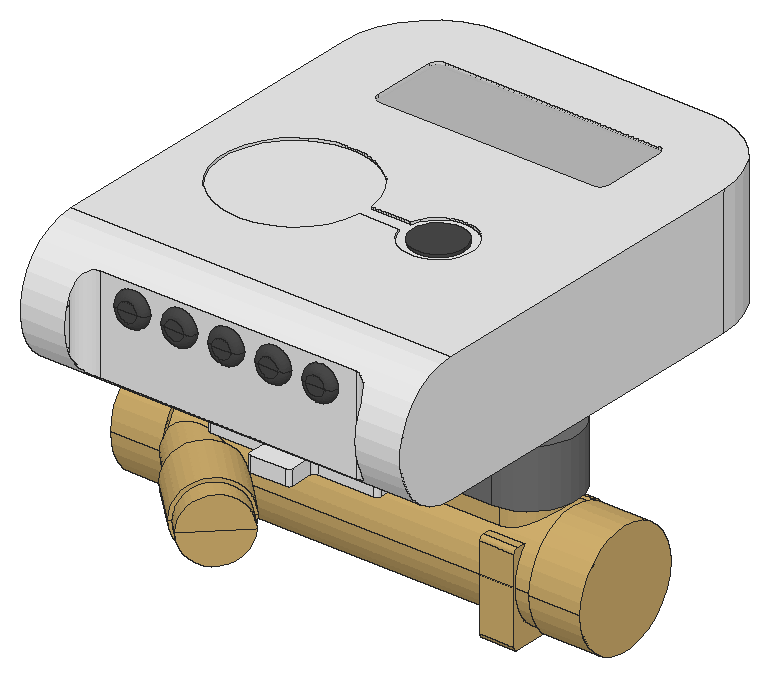
Revit family "SonoMeter40_DN15-DN20_RFA", category Pipe Accessories, Revit 2017
Family settings
  Round Connector Dimension = Use Diameter
  Part Type = Valve - Breaks Into
  Work Plane-Based = No
  Always vertical = Yes
  Cut with Voids When Loaded = No
  Shared = No
Parameters (values of type "SonoMeter40_DN15_G3/4_Kvs2.27_110mm")
  Weight = 0.70 kg
  URL = "https://store.danfoss.com/en/Climate-Solutions-for-heating/Energy-Meters/Energy-meters/SonoMeter-40/c/13141"
  Pressure Drop [instance] = 0.0 Pa
  Operation Pressure = "PN25"  # constant formula
  Nominal Flow = "0.6 m3/h"
  Model Type = "SonoMeter40_DN15_G3/4_Kvs2.27_110mm"
  Model = "SonoMeter40"  # constant formula
  Min Flow = "0.006 m3/h"
  Max Flow = "1.2 m3/h"
  Manufacturer = "Danfoss"  # constant formula
  LOD 350 = not(LOD 200)  # yes
  LOD 200 = no
  L7 = 57 mm
  L6 = 8 mm
  L5 = 86 mm
  L3 = 59 mm
  L4 = 12 mm
  L2 = 59 mm
  L1 = 122 mm
  L_1 = 8.1 mm
  L = 110 mm
  Kvs = 2.27 m³/h
  IfcExportType = "SonoMeter40"  # constant formula
  IfcExportAs = "IfcValveType"  # constant formula
  H2 = 14.5 mm
  H1 = 28 mm
  H = 65.2 mm
  Flow [instance] = 0.0 m³/h
  Description = "Energy Meter"  # constant formula
  D2 = 26.4 mm
  D1 = 25 mm
  D = 15 mm
  Connection = "G3/4B"
  Body Material = Danfoss Brass
  A_H = 42.3 mm
  A = 45.00°
Types (10, lengths in mm): name | Weight | Nominal Flow | Model Type | Min Flow | Max Flow | L7 | L5 | L3 | L4 | L2 | L_1 | L | Kvs | H2 | H1 | H | D2 | D1 | Connection | A_H
  (no name) | 0.70 kg | "0.6 m3/h" | "SonoMeter40_DN15_G3/4_Kvs2.27_110mm" | "0.006 m3/h" | "1.2 m3/h" | 57 | 86 | 59 | 12 | 59 | 8.1 | 110 | 2.27 m³/h | 14.5 | 28 | 65.2 | 26.4 | 25 | "G3/4B" | 42.3
  SonoMeter40_DN15_G3/4_Kvs2.27_110mm | 0.70 kg | "0.6 m3/h" | "SonoMeter40_DN15_G3/4_Kvs2.27_110mm" | "0.006 m3/h" | "1.2 m3/h" | 57 | 86 | 59 | 12 | 59 | 8.1 | 110 | 2.27 m³/h | 14.5 | 28 | 65.2 | 26.4 | 25 | "G3/4B" | 42.3
  SonoMeter40_DN15_G3/4_Kvs2.97_110mm | 0.70 kg | "0.6 m3/h, 1.0 m3/h" | "SonoMeter40_DN15_G3/4_Kvs2.97_110mm" | "0.006 m3/h, 0.01 m3/h" | "1.2 m3/h, 2.0 m3/h" | 57 | 86 | 59 | 12 | 59 | 8.1 | 110 | 2.97 m³/h | 14.5 | 28 | 65.2 | 26.4 | 25 | "G3/4B" | 42.3
  SonoMeter40_DN15_G3/4_Kvs3.63_110mm | 0.70 kg | "1.5 m3/h" | "SonoMeter40_DN15_G3/4_Kvs3.63_110mm" | "0.015 m3/h" | "3.0 m3/h" | 57 | 86 | 59 | 12 | 59 | 8.1 | 110 | 3.63 m³/h | 14.5 | 28 | 65.2 | 26.4 | 25 | "G3/4B" | 42.3
  SonoMeter40_DN15_G3/4_Kvs3.63_165mm | 0.80 kg | "1.5 m3/h" | "SonoMeter40_DN15_G3/4_Kvs3.63_110mm" | "0.015 m3/h" | "3.0 m3/h" | 77 | 137.5 | 82.5 | 13.8 | 86.5 | 17.3 | 165 | 3.63 m³/h | 14.5 | 28 | 65.2 | 26.4 | 25 | "G3/4B" | 42.3
  SonoMeter40_DN20_G1_Kvs5.59_130mm | 0.80 kg | "1.5 m3/h" | "SonoMeter40_DN20_G1_Kvs5.59_130mm" | "0.015 m3/h" | "3.0 m3/h" | 77 | 101.5 | 65 | 14.2 | 69 | 6 | 130 | 5.59 m³/h | 14.5 | 28 | 65.2 | 33.3 | 30 | "G1B" | 41.2
  SonoMeter40_DN20_G1_Kvs6.23_190mm | 0.90 kg | "0.6 m3/h, 1.0 m3/h" | "SonoMeter40_DN20_G1_Kvs6.23_190mm" | "0.006 m3/h, 0.01 m3/h" | "1.2 m3/h, 2.0 m3/h" | 129.5 | 158.5 | 95 | 14.2 | 95 | 11.3 | 190 | 6.23 m³/h | 15.5 | 29 | 66.2 | 33.3 | 31 | "G1B" | 40.2
  SonoMeter40_DN20_G1_Kvs5.62_130mm | 0.80 kg | "2.5 m3/h" | "SonoMeter40_DN20_G1_Kvs5.62_130mm" | "0.025 m3/h" | "5.0 m3/h" | 77 | 101.5 | 65 | 14.2 | 69 | 6 | 130 | 5.62 m³/h | 14.5 | 28 | 65.2 | 33.3 | 30 | "G1B" | 41.2
  SonoMeter40_DN20_G1_Kvs8.15_190mm | 0.90 kg | "2.5 m3/h" | "SonoMeter40_DN20_G1_Kvs8.15_190mm" | "0.025 m3/h" | "5.0 m3/h" | 129.5 | 158.5 | 95 | 14.2 | 95 | 11.3 | 190 | 8.15 m³/h | 15.5 | 29 | 66.2 | 33.3 | 31 | "G1B" | 40.2
  SonoMeter40_DN20_G1_Kvs6.32_190mm | 0.90 kg | "1.5 m3/h" | "SonoMeter40_DN20_G1_Kvs6.32_190mm" | "0.015 m3/h" | "3.0 m3/h" | 129.5 | 158.5 | 95 | 14.2 | 95 | 11.3 | 190 | 6.32 m³/h | 15.5 | 29 | 66.2 | 33.3 | 31 | "G1B" | 40.2
Reference planes
  plane 1 "Center (Front/Back)": y = 0
  plane 2: z = 0
  plane 3 "Center (Left/Right)": x = 0
  plane 4: z = -12.5
  plane 5 "Ref-1": z = 12.5
  plane 6: y = -12.5
  plane 7: y = 12.5
  plane 8: x = 3.9
  plane 9: y = 0
  plane 10: z = 14.5
  plane 11: z = 65.2
  plane 12: z = 28
  plane 13: through (0, 0, 1200) normal (0.7071, 0.7071, 0)
  plane 14: x = -2.6
  plane 15: x = 89.9
  plane 16: x = -8.1
  plane 17: x = 101.9
  plane 18: through (0, 0, 1200) normal (-0.7071, 0.7071, 0)
  plane 19: x = 50.9
  plane 20: x = 22.4
  plane 21: x = 79.4
  plane 22: x = 85.9
  plane 23: x = 77.9
  plane 24: x = 50.9
Forms (mm)
  Extrusion 1, solid, material "Danfoss Brass" <- "Body Material", visible <- "LOD 350", detail levels fine
    sketch origin (0, 0, 0) x (0, 1, 0) y (0, 0, 1)
      loop
        circle (0, 0) r 12.5
    from 3.9 to 89.9
  Extrusion 2, solid, material "Danfoss Brass" <- "Body Material", visible <- "LOD 350", detail levels fine
    sketch origin (0, 0, 0) x (0, 1, 0) y (0, 0, 1)
      loop
        circle (0, 0) r 13.2
    from -8.1 to 3.9
  Extrusion 3, solid, material "Danfoss Brass" <- "Body Material", visible <- "LOD 350", detail levels fine
    sketch origin (0, 0, 0) x (0, 1, 0) y (0, 0, 1)
      loop
        circle (0, 0) r 13.2
    from 89.9 to 101.9
  Revolve 4, solid, material "Danfoss Brass" <- "Body Material", visible <- "LOD 350", detail levels fine
    sketch origin (0, 0, 0) x (1, 0, 0) y (0, 1, 0)
      loop
        line (0, 0) -> (29.911, -29.911) -> (35.214, -24.607) -> (31.678, -21.072) -> (32.244, -20.506) -> (21.991, -10.253) -> (21.142, -11.102) -> (5.02, 5.02) -> (0, 0)
      axis (0, 0) -> (29.911, -29.911)
    angle from 0 to 360
  Extrusion 5, solid, material "Danfoss Plastic Dark Gray", detail levels fine
    sketch origin (0, 0, 0) x (1, 0, 0) y (0, 1, 0)
      loop
        arc (22.4, 11) -> (11.4, 0) -> (22.4, -11) r 11
        line (22.4, -11) -> (79.4, -11)
        arc (79.4, -11) -> (90.4, 0) -> (79.4, 11) r 11
        line (79.4, 11) -> (22.4, 11)
    from 14.5 to 28
  Extrusion 6, solid, material "Danfoss Brass" <- "Body Material", visible <- "LOD 350", detail levels fine
    sketch origin (0, 0, 0) x (0, 1, 0) y (0, 0, 1)
      loop
        arc (-11.5, 8.053) -> (-12.207, 7.76) -> (-12.5, 7.053) r 1
        line (-12.5, 7.053) -> (-12.5, -12.5)
        arc (-12.5, -12.5) -> (-12.207, -13.207) -> (-11.5, -13.5) r 1
        line (-11.5, -13.5) -> (11.5, -13.5)
        arc (11.5, -13.5) -> (12.207, -13.207) -> (12.5, -12.5) r 1
        line (12.5, -12.5) -> (12.5, 7.053)
        arc (12.5, 7.053) -> (12.207, 7.76) -> (11.5, 8.053) r 1
        line (11.5, 8.053) -> (-11.5, 8.053)
    from 77.9 to 85.9
  Extrusion 7, solid, material "Danfoss Brass" <- "Body Material", visible <- "LOD 200", detail levels fine
    sketch origin (0, 0, 0) x (0, 1, 0) y (0, 0, 1)
      loop
        circle (0, 0) r 13.2
    from -8.1 to 101.9
  Revolve 8, solid, material "Danfoss Brass" <- "Body Material", visible <- "LOD 200", detail levels fine
    sketch origin (0, 0, 0) x (1, 0, 0) y (0, 1, 0)
      loop
        line (0, 0) -> (29.911, -29.911) -> (35.78, -24.042) -> (5.869, 5.869) -> (0, 0)
      axis (0, 0) -> (29.911, -29.911)
    angle from 0 to 360
  Extrusion 9, solid, material "Danfoss Brass" <- "Body Material", detail levels fine
    sketch origin (0, 0, 0) x (1, 0, 0) y (0, 1, 0)
      loop
        arc (22.4, 8.5) -> (13.9, 0) -> (22.4, -8.5) r 8.5
        line (22.4, -8.5) -> (79.4, -8.5)
        arc (79.4, -8.5) -> (87.9, 0) -> (79.4, 8.5) r 8.5
        line (79.4, 8.5) -> (22.4, 8.5)
    from 0 to 14.5
Dimensions and locks
  equal spacing: plane 5 "Ref-1", level, plane 4
  "D1": plane 5 "Ref-1" to plane 4
  equal spacing: plane 6, plane 1 "Center (Front/Back)", plane 7
  "D1": plane 6 to plane 7
  "H": plane 11 to level
  "H1": plane 12 to level
  "L": plane 17 to plane 16
  "L_1": plane 3 "Center (Left/Right)" to plane 16
  "L4": plane 8 to plane 16
  "L4": plane 17 to plane 15
  locked: Revolve 4 sketch curve to plane 13 at 7.1
  "A_H": plane 18 to Revolve 4 sketch curve
  locked: Revolve 4 sketch curve to Revolve 4 sketch curve at 5
  locked: Revolve 4 sketch curve to Revolve 4 sketch curve at 14.5
  locked: Revolve 4 sketch curve to Revolve 4 sketch curve at 1.2
  locked: plane 13 to Revolve 4 sketch curve at 7.5
  equal spacing: plane 20, plane 19, plane 21
  "L7": plane 20 to plane 21
  equal spacing: Extrusion 5 sketch curve, plane 9, Extrusion 5 sketch curve
  Extrusion 5 sketch curve to Extrusion 5 sketch curve = 22 mm
  "L6": plane 22 to plane 23
  Extrusion 6 sketch curve to plane 2 = 8.053 mm
  locked: Revolve 8 sketch curve to plane 13 at 8.3
  "A_H": plane 18 to Revolve 8 sketch curve
  equal spacing: Extrusion 9 sketch curve, plane 9, Extrusion 9 sketch curve
  Extrusion 9 sketch curve to Extrusion 9 sketch curve = 17 mm
  "H2": plane 10 to plane 2
  "L5": plane 23 to plane 16
  "L3": plane 19 to plane 16
  "L2": plane 24 to plane 16
  "D1": diameter of Extrusion 1 sketch curve
  "D2": diameter of Extrusion 2 sketch curve
  "D2": diameter of Extrusion 3 sketch curve
  radius of Extrusion 5 sketch curve = 11 mm  (x2)
  radius of Extrusion 6 sketch curve = 1 mm  (x4)
  "D2": diameter of Extrusion 7 sketch curve
  radius of Extrusion 9 sketch curve = 8.5 mm  (x2)
  "A": angle plane 13 to plane 9
  locked: plane 13 to plane 18 (angle 90.00°)
  aligned and locked: level to plane 2
  aligned and locked: plane 8 to Extrusion 2
  aligned and locked: Extrusion 1 to plane 8
  aligned and locked: Extrusion 3 to plane 15
  aligned and locked: Extrusion 1 to Extrusion 2
  aligned and locked: plane 15 to Extrusion 1
  aligned and locked: Extrusion 2 to plane 16
  aligned and locked: Revolve 4 sketch curve to plane 18
  aligned and locked: Revolve 4 sketch curve to plane 13
  aligned and locked: Revolve 4 sketch curve to Revolve 4 sketch curve  (x2)
  aligned and locked: plane 17 to Extrusion 3
  aligned and locked: plane 12 to Extrusion 5
  aligned and locked: plane 22 to Extrusion 6
  aligned and locked: Extrusion 6 to plane 23
  aligned and locked: Revolve 8 sketch curve to Revolve 8 sketch curve  (x2)
  aligned and locked: Revolve 8 sketch curve to plane 13
  aligned and locked: Revolve 8 sketch curve to plane 18
  aligned and locked: Extrusion 5 to plane 10
  aligned and locked: plane 10 to Extrusion 9
  aligned and locked: plane 24 to nested 1
  aligned and locked: Extrusion 2 to Extrusion 7
  aligned and locked: Extrusion 3 to Extrusion 7
  aligned and locked: plane 16 to nested 2
  aligned and locked: plane 12 to nested 1
  aligned and locked: plane 9 to nested 2
Automatic sketch dimensions
  Extrusion 5 sketch curve to plane 20 = 0 mm
  Extrusion 5 sketch curve to plane 21 = 0 mm
  Extrusion 5 sketch curve to Extrusion 5 sketch curve = 0 mm  (x2)
  Extrusion 6 sketch curve to plane 6 = 0 mm
  Extrusion 6 sketch curve to plane 7 = 0 mm
  Extrusion 9 sketch curve to plane 20 = 0 mm
  Extrusion 9 sketch curve to plane 21 = 0 mm
  Extrusion 6 sketch curve to plane 4 = 0 mm
  Extrusion 1 sketch curve to level = 0 mm
  Extrusion 1 sketch curve to plane 1 "Center (Front/Back)" = 0 mm
  Extrusion 2 sketch curve to level = 0 mm
  Extrusion 2 sketch curve to plane 1 "Center (Front/Back)" = 0 mm
  Extrusion 3 sketch curve to level = 0 mm
  Extrusion 3 sketch curve to plane 1 "Center (Front/Back)" = 0 mm
  plane 20 to Revolve 4 sketch curve = 1.304 mm
  Extrusion 7 sketch curve to level = 0 mm
  Extrusion 7 sketch curve to plane 1 "Center (Front/Back)" = 0 mm
  plane 20 to Revolve 8 sketch curve = 1.304 mm
Nested families
  nested 1: "SonoMeter40_body" at (50.9, 0, 0), type "SonoSensor40", detail levels fine
  nested 2: "Schematic_Energy Meter" at (46.9, 0, 0), type "Schematic_Energy Meter", detail levels coarse+medium
Connectors
  piping at (101.9, 0, 0), diameter 15, driven by "D", driven by "Flow"
    settings: on Extrusion 3, index 1, connector inside diameter 609.6 mm, connector length 0 mm, flow factor 0, pipe flow 0.0 m³/h, pressure drop 0.0 Pa, fitting loss kfactor 0, connector angle 0.00°, fixture units 0, engagement length 0 mm, angle of deflection 0.00°, flow configuration 0, flow direction 0, fitting loss method 0, system type 29, joint type 0, gender type 0, connector reference index 2, connector utility 0, adjustable connector no, is connector primary yes, connector description ""
  piping at (-8.1, 0, 0), diameter 15, driven by "D", driven by "Flow"
    settings: on Extrusion 2, index 2, connector inside diameter 609.6 mm, connector length 0 mm, flow factor 0, pipe flow 0.0 m³/h, pressure drop 0.0 Pa, fitting loss kfactor 0, connector angle 0.00°, fixture units 0, engagement length 0 mm, angle of deflection 0.00°, flow configuration 0, flow direction 0, fitting loss method 0, system type 29, joint type 0, gender type 0, connector reference index 1, connector utility 0, adjustable connector no, is connector primary no, connector description ""
Definition of nested family "SonoMeter40_body"
  Parameters (values of type "SonoSensor40")
    W = 115.5 mm
    URL = ""
    Model Type = "SonoMeter 40"  # constant formula
    Model = ""
    Manufacturer = "Danfoss"  # constant formula
    LOD 350 = not(LOD 200)  # yes
    LOD 200 = no
    L = 89 mm
    IfcExportType = "SonoMeter 40"  # constant formula
    IfcExportAs = "IfcValveType"  # constant formula
    H2 = 30 mm
    H1 = 35.2 mm
    H = 65.2 mm
    Description = "Flow Meter"  # constant formula
  Reference planes
    plane 1 "Center (Front/Back)": y = 0
    plane 2: z = 0
    plane 3 "Center (Left/Right)": x = 0
    plane 4 "Ref-4": z = 65.2
    plane 5: x = -44.5
    plane 6: x = 44.5
    plane 7: y = 57.6
    plane 8: y = -57.9
    plane 9 "Ref-2": z = 35.2
    plane 10: y = -52.8
    plane 11: x = -34
    plane 12: x = 34
    plane 13: x = -22
    plane 14: x = 22
    plane 15 "Ref-1": z = 56.3
    plane 16: y = -9.9
    plane 17: x = -18.5
    plane 18: x = 15.1
    plane 19: z = 32.1
    plane 20: z = 28
    plane 21: z = 23
    plane 22: y = -40.8
    plane 23: y = 35.2
    plane 24: z = 29.6
    plane 25: y = -33.8
    plane 26: y = -22.5
    plane 27: y = 32.3
  Forms (mm)
    Extrusion 1, solid, visible <- "LOD 350"
      sketch origin (0, 0, 0) x (0, 1, 0) y (0, 0, 1)
        loop
          arc (-42.9, 65.2) -> (-57.9, 50.2) -> (-42.9, 35.2) r 15
          line (-42.9, 35.2) -> (57.6, 35.2) -> (57.6, 65.2) -> (-42.9, 65.2)
      from -44.5 to 44.5
    Extrusion 2, void
      sketch origin (0, 0, 63) x (-1, 0, 0) y (0, -1, 0)
        loop
          arc (-24, -57.6) -> (-38.496, -51.596) -> (-44.5, -37.1) r 20.5
          line (-44.5, -37.1) -> (-44.5, -27.6) -> (-54.5, -27.6) -> (-54.5, -67.6) -> (54.5, -67.6) -> (54.5, -27.6) -> (44.5, -27.6) -> (44.5, -37.1)
          arc (44.5, -37.1) -> (38.496, -51.596) -> (24, -57.6) r 20.5
          line (24, -57.6) -> (-24, -57.6)
      from -27.8 to 2.2
    Extrusion 3, void
      sketch origin (0, 0, 63) x (-1, 0, 0) y (0, -1, 0)
        loop
          line (-30, 52.8) -> (30, 52.8)
          arc (30, 52.8) -> (32.828, 53.972) -> (34, 56.8) r 4
          line (34, 56.8) -> (34, 62.9) -> (-34, 62.9) -> (-34, 56.8)
          arc (-34, 56.8) -> (-32.828, 53.972) -> (-30, 52.8) r 4
      from -38.023 to 8.089
    Revolve 4, solid
      sketch origin (0, 0, 56.3) x (-1, 0, 0) y (0, -1, 0)
        loop
          line (0, 52.8) -> (4, 52.8)
          arc (4, 52.8) -> (3.473, 54.073) -> (2.2, 54.6) r 1.8
          line (2.2, 54.6) -> (0, 54.6) -> (0, 52.8)
        axis (0, 52.8) -> (0, 54.6)
      angle from 0 to 360
    Revolve 5, solid
      sketch origin (-22, 0, 56.3) x (-1, 0, 0) y (0, -1, 0)
        loop
          line (0, 52.8) -> (4, 52.8)
          arc (4, 52.8) -> (3.473, 54.073) -> (2.2, 54.6) r 1.8
          line (2.2, 54.6) -> (0, 54.6) -> (0, 52.8)
        axis (0, 52.8) -> (0, 54.6)
      angle from 0 to 360
    Revolve 6, solid
      sketch origin (-11, 0, 56.3) x (-1, 0, 0) y (0, -1, 0)
        loop
          line (0, 52.8) -> (4, 52.8)
          arc (4, 52.8) -> (3.473, 54.073) -> (2.2, 54.6) r 1.8
          line (2.2, 54.6) -> (0, 54.6) -> (0, 52.8)
        axis (0, 52.8) -> (0, 54.6)
      angle from 0 to 360
    Revolve 7, solid
      sketch origin (22, 0, 56.3) x (-1, 0, 0) y (0, -1, 0)
        loop
          line (0, 52.8) -> (4, 52.8)
          arc (4, 52.8) -> (3.473, 54.073) -> (2.2, 54.6) r 1.8
          line (2.2, 54.6) -> (0, 54.6) -> (0, 52.8)
        axis (0, 52.8) -> (0, 54.6)
      angle from 0 to 360
    Revolve 8, solid
      sketch origin (11, 0, 56.3) x (-1, 0, 0) y (0, -1, 0)
        loop
          line (0, 52.8) -> (4, 52.8)
          arc (4, 52.8) -> (3.473, 54.073) -> (2.2, 54.6) r 1.8
          line (2.2, 54.6) -> (0, 54.6) -> (0, 52.8)
        axis (0, 52.8) -> (0, 54.6)
      angle from 0 to 360
    Extrusion 9, void
      sketch origin (0, 0, 65.2) x (-1, 0, 0) y (0, -1, 0)
        loop
          arc (25, -42.1) -> (26.414, -41.514) -> (27, -40.1) r 2
          line (27, -40.1) -> (27, -25.1)
          arc (27, -25.1) -> (26.414, -23.686) -> (25, -23.1) r 2
          line (25, -23.1) -> (-25, -23.1)
          arc (-25, -23.1) -> (-26.414, -23.686) -> (-27, -25.1) r 2
          line (-27, -25.1) -> (-27, -40.1)
          arc (-27, -40.1) -> (-26.414, -41.514) -> (-25, -42.1) r 2
          line (-25, -42.1) -> (25, -42.1)
      from -1 to 5
    Extrusion 10, solid, visible <- "LOD 350"
      sketch origin (0, 0, 65.2) x (-1, 0, 0) y (0, -1, 0)
        loop
          arc (25, -42.1) -> (26.414, -41.514) -> (27, -40.1) r 2
          line (27, -40.1) -> (27, -25.1)
          arc (27, -25.1) -> (26.414, -23.686) -> (25, -23.1) r 2
          line (25, -23.1) -> (-25, -23.1)
          arc (-25, -23.1) -> (-26.414, -23.686) -> (-27, -25.1) r 2
          line (-27, -25.1) -> (-27, -40.1)
          arc (-27, -40.1) -> (-26.414, -41.514) -> (-25, -42.1) r 2
          line (-25, -42.1) -> (25, -42.1)
      from -2 to -0.5
    Extrusion 11, void
      sketch origin (0, 0, 65.2) x (-1, 0, 0) y (0, -1, 0)
        loop
          arc (1.809, 8.1) -> (35.288, 9.9) -> (1.809, 11.7) r 16.788
          line (1.809, 11.7) -> (-7.321, 11.7)
          arc (-7.321, 11.7) -> (-23.085, 9.9) -> (-7.321, 8.1) r 7.985
          line (-7.321, 8.1) -> (1.809, 8.1)
      from -0.5 to 0.5
    Extrusion 12, solid, visible <- "LOD 350"
      sketch origin (0, 0, 65.2) x (-1, 0, 0) y (0, -1, 0)
        loop
          circle (-15.1, 9.9) r 6
      from -1 to 0
    Blend 13, solid, visible <- "LOD 350"
      base sketch origin (0, 0, 35.2) x (-1, 0, 0) y (0, -1, 0)
        loop
          line (-29.3, 25) -> (-29.3, -25) -> (29.3, -25) -> (29.3, 25) -> (-29.3, 25)
      top sketch origin (0, 0, 35.2) x (-1, 0, 0) y (0, -1, 0)
        loop
          line (-26.8, -22.5) -> (26.8, -22.5) -> (26.8, 22.5) -> (-26.8, 22.5) -> (-26.8, -22.5)
      from 0 to -3.1
    Extrusion 14, solid, visible <- "LOD 350"
      sketch origin (0, 0, 35.2) x (-1, 0, 0) y (0, -1, 0)
        loop
          line (26.8, 22.5) -> (-26.8, 22.5) -> (-26.8, -22.5) -> (26.8, -22.5) -> (26.8, 22.5)
      from -3.1 to -7.2
    Extrusion 15, solid, visible <- "LOD 350"
      sketch origin (0, 0, 35.2) x (-1, 0, 0) y (0, -1, 0)
        loop
          line (-20.1, 14.9) -> (20.1, 14.9) -> (20.1, 32.8)
          arc (20.1, 32.8) -> (19.807, 33.507) -> (19.1, 33.8) r 1
          line (19.1, 33.8) -> (6, 33.8)
          arc (6, 33.8) -> (5.293, 34.093) -> (5, 34.8) r 1
          line (5, 34.8) -> (5, 39.8)
          arc (5, 39.8) -> (4.707, 40.507) -> (4, 40.8) r 1
          line (4, 40.8) -> (-4, 40.8)
          arc (-4, 40.8) -> (-4.707, 40.507) -> (-5, 39.8) r 1
          line (-5, 39.8) -> (-5, 34.8)
          arc (-5, 34.8) -> (-5.293, 34.093) -> (-6, 33.8) r 1
          line (-6, 33.8) -> (-19.1, 33.8)
          arc (-19.1, 33.8) -> (-19.807, 33.507) -> (-20.1, 32.8) r 1
          line (-20.1, 32.8) -> (-20.1, 14.9)
      from -3.1 to -12.2
    Extrusion 16, solid, visible <- "LOD 350"
      sketch origin (0, 0, 35.2) x (-1, 0, 0) y (0, -1, 0)
        loop
          line (22.5, -16.7) -> (-22.5, -16.7) -> (-22.5, -33.2)
          arc (-22.5, -33.2) -> (-21.914, -34.614) -> (-20.5, -35.2) r 2
          line (-20.5, -35.2) -> (20.5, -35.2)
          arc (20.5, -35.2) -> (21.914, -34.614) -> (22.5, -33.2) r 2
          line (22.5, -33.2) -> (22.5, -16.7)
      from -3.1 to -12.2
    Extrusion 17, void
      sketch origin (0, 0, 0) x (0, 1, 0) y (0, 0, 1)
        loop
          line (-40.8, 26.5) -> (-33.8, 26.5) -> (-22.5, 29.6) -> (-22.5, 32.1) -> (-40.8, 32.1) -> (-40.8, 26.5)
        loop
          line (32.3, 24.9) -> (35.2, 24.9) -> (35.2, 32.1) -> (22.5, 32.1) -> (22.5, 29.6) -> (32.3, 24.9)
      from -34 to 34
    Extrusion 18, solid, visible <- "LOD 200"
      sketch origin (0, 0, 35.2) x (-1, 0, 0) y (0, -1, 0)
        loop
          line (-44.5, -57.6) -> (44.5, -57.6) -> (44.5, 57.9) -> (-44.5, 57.9) -> (-44.5, -57.6)
      from 0 to 30
    Extrusion 19, solid, visible <- "LOD 200"
      sketch origin (0, 0, 0) x (0, 1, 0) y (0, 0, 1)
        loop
          line (22.5, 29.6) -> (22.5, 35.2) -> (-22.5, 35.2) -> (-22.5, 29.6) -> (-40.8, 29.6) -> (-40.8, 23) -> (35.2, 23) -> (35.2, 29.6) -> (22.5, 29.6)
      from -26.8 to 26.8
  Cuts and joins
    Extrusion 2, Extrusion 3, Extrusion 9, Extrusion 11 cuts Extrusion 1
    Extrusion 17 cuts Extrusion 14
    Extrusion 17 cuts Extrusion 15
    Extrusion 17 cuts Extrusion 16
    joined: Extrusion 14, Extrusion 15, Extrusion 16
  Dimensions and locks
    "H": plane 4 "Ref-4" to level
    "W": plane 8 to plane 7
    equal spacing: plane 6, plane 3 "Center (Left/Right)", plane 5
    "L": plane 6 to plane 5
    "H1": plane 9 "Ref-2" to plane 2
    locked: plane 8 to plane 1 "Center (Front/Back)" at 57.9
    locked: plane 8 to Extrusion 1 sketch curve at 15
    locked: plane 7 to Extrusion 2 sketch curve at 10
    locked: Extrusion 2 sketch curve to plane 7 at 30
    equal spacing: plane 11, plane 3 "Center (Left/Right)", plane 12
    plane 11 to plane 12 = 68 mm
    locked: plane 8 to plane 10 at 5.1
    plane 8 to Extrusion 3 sketch curve = 5 mm
    equal spacing: plane 13, plane 3 "Center (Left/Right)", plane 14
    locked: plane 13 to plane 3 "Center (Left/Right)" at 22
    equal spacing: group 2, group 3, group 1
    equal spacing: group 1, group 3, group 2  (x2)
    locked: Extrusion 9 sketch curve to plane 7 at 15.5
    equal spacing: Extrusion 9 sketch curve, plane 3 "Center (Left/Right)", Extrusion 9 sketch curve
    Extrusion 9 sketch curve to Extrusion 9 sketch curve = 54 mm
    locked: Extrusion 9 sketch curve to Extrusion 9 sketch curve at 19
    locked: plane 4 "Ref-4" to plane 15 "Ref-1" at 8.9
    locked: plane 16 to plane 1 "Center (Front/Back)" at 9.9
    locked: plane 17 to plane 3 "Center (Left/Right)" at 18.5
    locked: plane 17 to plane 18 at 33.6
    equal spacing: Extrusion 11 sketch curve, plane 16, Extrusion 11 sketch curve
    Extrusion 11 sketch curve to Extrusion 11 sketch curve = 3.6 mm
    equal spacing: Blend 13 sketch curve, plane 1 "Center (Front/Back)", Blend 13 sketch curve  (x2)
    Blend 13 sketch curve to Blend 13 sketch curve = 50 mm
    equal spacing: Blend 13 sketch curve, plane 3 "Center (Left/Right)", Blend 13 sketch curve  (x2)
    Blend 13 sketch curve to Blend 13 sketch curve = 58.6 mm
    Blend 13 sketch curve to Blend 13 sketch curve = 45 mm
    Blend 13 sketch curve to Blend 13 sketch curve = 53.6 mm
    locked: plane 9 "Ref-2" to plane 19 at 3.1
    locked: plane 19 to plane 20 at 4.1
    equal spacing: Extrusion 15 sketch curve, plane 3 "Center (Left/Right)", Extrusion 15 sketch curve
    locked: Extrusion 15 sketch curve to Extrusion 15 sketch curve at 40.2
    Extrusion 15 sketch curve to Extrusion 15 sketch curve = 18.9 mm
    locked: Extrusion 15 sketch curve to plane 1 "Center (Front/Back)" at 14.9
    locked: plane 20 to plane 21 at 5
    locked: plane 1 "Center (Front/Back)" to Extrusion 16 sketch curve at 16.7
    equal spacing: Extrusion 16 sketch curve, plane 3 "Center (Left/Right)", Extrusion 16 sketch curve
    locked: Extrusion 16 sketch curve to Extrusion 16 sketch curve at 45
    locked: plane 22 to plane 1 "Center (Front/Back)" at 40.8
    locked: plane 22 to plane 23 at 76
    locked: plane 24 to plane 20 at 1.6
    locked: plane 22 to plane 25 at 7
    Extrusion 17 sketch curve to plane 21 = 3.5 mm
    locked: plane 27 to plane 23 at 2.9
    locked: plane 21 to Extrusion 17 sketch curve at 1.9
    radius of Extrusion 1 sketch curve = 15 mm
    radius of Extrusion 2 sketch curve = 20.5 mm  (x2)
    radius of Extrusion 3 sketch curve = 4 mm  (x2)
    radius of Revolve 4 sketch curve = 1.8 mm
    radius of Revolve 5 sketch curve = 1.8 mm
    radius of Revolve 6 sketch curve = 1.8 mm
    radius of Revolve 7 sketch curve = 1.8 mm
    radius of Revolve 8 sketch curve = 1.8 mm
    radius of Extrusion 9 sketch curve = 2 mm  (x4)
    radius of Extrusion 11 sketch curve = 7.985 mm
    radius of Extrusion 11 sketch curve = 16.788 mm
    radius of Extrusion 12 sketch curve = 6 mm
    radius of Extrusion 15 sketch curve = 1 mm  (x6)
    radius of Extrusion 16 sketch curve = 2 mm  (x2)
    aligned and locked: level to plane 2
    aligned and locked: Extrusion 1 sketch curve to plane 9 "Ref-2"
    aligned and locked: Extrusion 1 sketch curve to plane 7
    aligned and locked: Extrusion 1 to plane 5
    aligned and locked: plane 6 to Extrusion 1
    aligned and locked: Extrusion 2 sketch curve to plane 7
    aligned and locked: Extrusion 2 sketch curve to plane 5
    aligned and locked: Extrusion 2 sketch curve to plane 6
    aligned and locked: Extrusion 2 sketch curve to Extrusion 2 sketch curve
    aligned and locked: Extrusion 2 to plane 9 "Ref-2"
    aligned and locked: plane 4 "Ref-4" to Extrusion 2
    aligned and locked: Extrusion 3 sketch curve to plane 11
    aligned and locked: Extrusion 3 sketch curve to plane 12
    aligned and locked: Extrusion 3 to plane 10
    aligned and locked: Revolve 4 sketch curve to Revolve 4 sketch curve  (x2)
    aligned and locked: Revolve 5 sketch curve to Revolve 5 sketch curve  (x2)
    aligned and locked: Revolve 6 sketch curve to Revolve 6 sketch curve  (x2)
    aligned and locked: Revolve 7 sketch curve to Revolve 7 sketch curve  (x2)
    aligned and locked: Revolve 8 sketch curve to Revolve 8 sketch curve  (x2)
    aligned and locked: Extrusion 10 sketch curve to cut or joined group of Extrusion 1, Extrusion 2, Extrusion 3, Extrusion 9, Extrusion 11  (x4)
    aligned and locked: Blend 13 to plane 19
    aligned and locked: Extrusion 14 sketch curve to Blend 13  (x4)
    aligned and locked: Extrusion 14 to plane 20
    aligned and locked: Extrusion 14 to Blend 13
    aligned and locked: Extrusion 15 to plane 21
    aligned and locked: Extrusion 15 to Extrusion 16
    aligned and locked: Extrusion 15 to Blend 13
    aligned and locked: Extrusion 16 to Blend 13
    aligned and locked: Extrusion 15 sketch curve to plane 22
    aligned and locked: plane 23 to Extrusion 16 sketch curve
    aligned and locked: plane 26 to Extrusion 14
    aligned and locked: plane 26 to Extrusion 17 sketch curve
    aligned and locked: Extrusion 17 sketch curve to plane 19  (x2)
    aligned and locked: Extrusion 17 sketch curve to plane 22
    aligned and locked: Extrusion 17 sketch curve to Extrusion 14
    aligned and locked: cut or joined group of Extrusion 1, Extrusion 2, Extrusion 3, Extrusion 9, Extrusion 11 to Extrusion 17
    aligned and locked: Extrusion 17 to cut or joined group of Extrusion 1, Extrusion 2, Extrusion 3, Extrusion 9, Extrusion 11
    aligned and locked: Extrusion 17 sketch curve to plane 23
    aligned and locked: Extrusion 18 sketch curve to plane 7
    aligned and locked: Extrusion 18 sketch curve to plane 5
    aligned and locked: Extrusion 18 sketch curve to plane 6
    aligned and locked: Extrusion 18 sketch curve to plane 8
    aligned and locked: plane 4 "Ref-4" to Extrusion 18
    aligned and locked: Extrusion 19 sketch curve to plane 24  (x2)
    aligned and locked: Extrusion 19 sketch curve to plane 22
    aligned and locked: Extrusion 19 sketch curve to plane 23
    aligned and locked: Extrusion 19 sketch curve to plane 21
    aligned and locked: Extrusion 19 sketch curve to cut or joined group of Extrusion 14, Extrusion 15, Extrusion 16, Extrusion 17
    aligned and locked: Extrusion 18 to Extrusion 19 sketch curve
    aligned and locked: cut or joined group of Extrusion 14, Extrusion 15, Extrusion 16, Extrusion 17 to Extrusion 19 sketch curve
    aligned and locked: Extrusion 19 to cut or joined group of Extrusion 14, Extrusion 15, Extrusion 16, Extrusion 17  (x2)
  Automatic sketch dimensions
    Extrusion 2 sketch curve to Extrusion 2 sketch curve = 10 mm
    Extrusion 2 sketch curve to plane 5 = 10 mm
    plane 10 to Extrusion 3 sketch curve = 0 mm
    Revolve 4 sketch curve to Revolve 4 sketch curve = 2.2 mm
    Revolve 4 sketch curve to Revolve 4 sketch curve = 0 mm
    Revolve 5 sketch curve to Revolve 5 sketch curve = 2.2 mm
    Revolve 5 sketch curve to Revolve 5 sketch curve = 0 mm
    Revolve 6 sketch curve to Revolve 6 sketch curve = 2.2 mm
    Revolve 6 sketch curve to Revolve 6 sketch curve = 0 mm
    Revolve 7 sketch curve to Revolve 7 sketch curve = 2.2 mm
    Revolve 7 sketch curve to Revolve 7 sketch curve = 0 mm
    Revolve 8 sketch curve to Revolve 8 sketch curve = 2.2 mm
    Revolve 8 sketch curve to Revolve 8 sketch curve = 0 mm
    plane 14 to Extrusion 9 sketch curve = 5 mm
    plane 16 to Extrusion 11 sketch curve = 0 mm  (x2)
    Extrusion 11 sketch curve to plane 18 = 0 mm
    Extrusion 11 sketch curve to plane 17 = 0 mm
    Extrusion 11 sketch curve to Extrusion 11 sketch curve = 0 mm  (x2)
    plane 16 to Extrusion 12 sketch curve = 0 mm
    Extrusion 12 sketch curve to plane 18 = 0 mm
    plane 3 "Center (Left/Right)" to Extrusion 15 sketch curve = 6 mm
    Extrusion 15 sketch curve to plane 3 "Center (Left/Right)" = 4 mm
    Extrusion 15 sketch curve to Extrusion 15 sketch curve = 1 mm
    Extrusion 17 sketch curve to plane 25 = 0 mm
    Extrusion 17 sketch curve to plane 24 = 0 mm  (x2)
    Extrusion 17 sketch curve to plane 27 = 0 mm
    plane 27 to Extrusion 17 sketch curve = 9.8 mm
Definition of nested family "Schematic_Energy Meter"
  Parameters (values of type "Schematic_Energy Meter")
    Word_space = Word_H / 6  # 2.407 mm
    Word_H = R1 * 2 / 3  # 14.444 mm
    L = 110 mm
    R1 = H / 3  # 21.667 mm
    H = 65 mm
    D = 15 mm
  Reference planes
    plane 1 "Center (Front/Back)": y = 0
    plane 2: z = 0
    plane 3 "Center (Left/Right)": x = 0
    plane 4: x = 55
    plane 5: x = -55
    plane 6: y = 7.5
    plane 7: y = -7.5
    plane 8: y = 43.333
    plane 9: y = 21.667
    plane 10: y = 57.778
    plane 11: y = 28.889
    plane 12: x = -14.444
    plane 13: x = 14.444
    plane 14: x = -2.407
    plane 15: x = 2.407
    plane 16: x = 8.426
    plane 17: y = 65
    plane 18: z = 7.5
    plane 19: z = -7.5
    plane 20: z = 43.333
    plane 21: z = 65
    plane 22: z = 21.667
    plane 23: z = 57.778
    plane 24: z = 28.889
  Lines and regions (mm)
    model lines
      curve 1: line (55, 0, 0) -> (-55, 0, 0)
      curve 2: line (0, 0, 0) -> (0, 0, 21.667)
      curve 3: circle (0, 0, 43.333) r 21.667 normal (0, -1, 0)
      curve 4: line (-14.444, 0, 57.778) -> (-2.407, 0, 57.778)
      curve 5: line (-14.444, 0, 57.778) -> (-14.444, 0, 28.889)
      curve 6: line (-14.444, 0, 43.333) -> (-2.407, 0, 43.333)
      curve 7: line (2.407, 0, 28.889) -> (2.407, 0, 57.778)
      curve 8: line (2.407, 0, 57.778) -> (8.426, 0, 43.333)
      curve 9: line (8.426, 0, 43.333) -> (14.444, 0, 57.778)
      curve 10: line (14.444, 0, 57.778) -> (14.444, 0, 28.889)
      curve 21: line (-14.444, 0, 28.889) -> (-2.407, 0, 28.889)
    symbolic lines
      curve 11: line (55, 0, 0) -> (-55, 0, 0)
      curve 12: line (0, 0, 0) -> (0, 21.667, 0)
      curve 13: circle (0, 43.333, 0) r 21.667 normal (0, 0, 1)
      curve 14: line (-14.444, 57.778, 0) -> (-14.444, 28.889, 0)
      curve 15: line (-14.444, 57.778, 0) -> (-2.407, 57.778, 0)
      curve 16: line (-14.444, 43.333, 0) -> (-2.407, 43.333, 0)
      curve 17: line (2.407, 28.889, 0) -> (2.407, 57.778, 0)
      curve 18: line (2.407, 57.778, 0) -> (8.426, 43.333, 0)
      curve 19: line (8.426, 43.333, 0) -> (14.444, 57.778, 0)
      curve 20: line (14.444, 57.778, 0) -> (14.444, 28.889, 0)
      curve 22: line (-14.444, 28.889, 0) -> (-2.407, 28.889, 0)
  Dimensions and locks
    equal spacing: plane 5, plane 3 "Center (Left/Right)", plane 4
    "L": plane 5 to plane 4
    equal spacing: plane 7, plane 1 "Center (Front/Back)", plane 6
    "D": plane 7 to plane 6
    "R1": plane 9 to plane 8
    equal spacing: plane 11, plane 8, plane 10
    "Word_H": plane 8 to plane 10
    equal spacing: plane 12, plane 3 "Center (Left/Right)", plane 13
    "Word_H": plane 12 to plane 3 "Center (Left/Right)"
    equal spacing: plane 14, plane 3 "Center (Left/Right)", plane 15
    "Word_space": plane 14 to plane 3 "Center (Left/Right)"
    equal spacing: plane 15, plane 16, plane 13
    equal spacing: plane 9, plane 8, plane 17
    equal spacing: plane 23, plane 20, plane 24
    "Word_H": plane 23 to plane 20
    equal spacing: plane 21, plane 20, plane 22
    "R1": plane 20 to plane 22
    equal spacing: plane 18, plane 2, plane 19
    "D": plane 18 to plane 19
    "H": plane 21 to plane 2
    "H": plane 1 "Center (Front/Back)" to plane 17
    "R1": radius of curve 13
    "R1": radius of curve 3
    aligned and locked: level to plane 2
    aligned and locked: plane 22 to curve 2
    aligned and locked: plane 2 to curve 1
    aligned and locked: curve 11 to plane 1 "Center (Front/Back)"
    aligned and locked: plane 14 to curve 21
    aligned and locked: plane 12 to curve 5
    aligned and locked: plane 14 to curve 22
    aligned and locked: plane 12 to curve 22
    aligned and locked: plane 8 to curve 13
  Automatic sketch dimensions
    curve 1 to plane 5 = 0 mm
    curve 6 to plane 14 = 0 mm
    curve 4 to plane 14 = 0 mm
    curve 2 to plane 3 "Center (Left/Right)" = 0 mm
    curve 3 to plane 3 "Center (Left/Right)" = 0 mm
    curve 8 to plane 15 = 0 mm
    curve 9 to plane 16 = 0 mm
    curve 10 to plane 13 = 0 mm
    curve 1 to plane 4 = 0 mm
    curve 21 to plane 24 = 0 mm
    curve 10 to plane 24 = 0 mm
    curve 7 to plane 24 = 0 mm
    curve 6 to plane 20 = 0 mm
    curve 9 to plane 20 = 0 mm
    curve 4 to plane 23 = 0 mm
    curve 9 to plane 23 = 0 mm
    curve 7 to plane 23 = 0 mm
    curve 11 to plane 5 = 0 mm
    plane 8 to curve 16 = 0 mm
    curve 16 to plane 14 = 0 mm
    plane 10 to curve 15 = 0 mm
    curve 15 to plane 14 = 0 mm
    curve 12 to plane 3 "Center (Left/Right)" = 0 mm
    curve 13 to plane 3 "Center (Left/Right)" = 0 mm
    plane 10 to curve 18 = 0 mm
    curve 18 to plane 15 = 0 mm
    plane 8 to curve 19 = 0 mm
    curve 19 to plane 16 = 0 mm
    plane 11 to curve 20 = 0 mm
    curve 20 to plane 13 = 0 mm
    curve 11 to plane 4 = 0 mm
    plane 11 to curve 22 = 0 mm
    plane 11 to curve 17 = 0 mm
    plane 10 to curve 19 = 0 mm
